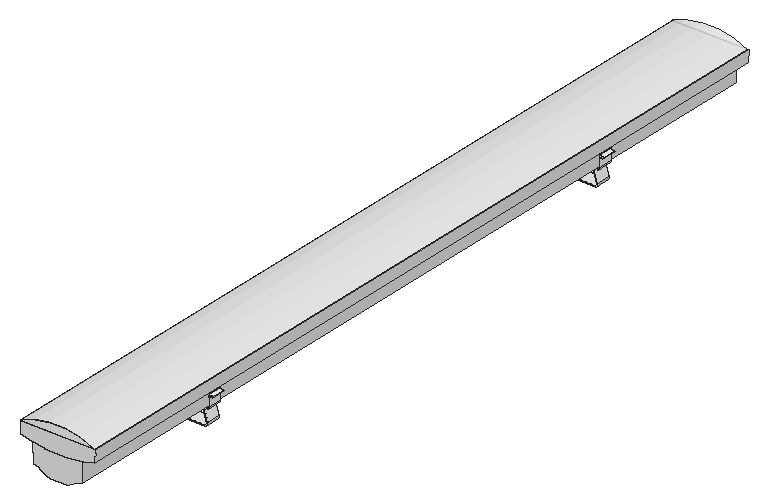
Revit family "Lighting-Industrial-GEWISS-SMART[3]e-WATERTIGHT-LED_OPAL_1200mm", category Apparecchi per illuminazione, host Superficie, Revit 2019
Family settings
  Host = Superficie
  Quota connettore circolare = Usa diametro
  Tipo di parte = Normale
  Numero OmniClass = 23.80.70.11
  Titolo OmniClass = Luminaries for Internal Lighting
  Taglio con vuoti quando caricato = No
  Sorgente d'illuminazione = No
  Condiviso = No
  Punto di calcolo locali = Sì
Parameters (values of type "GWS3220EP840 - SMART3e 1200 ON/OFF OPAL CRI80 4000K")
  Wiring : = "Stand alone"
  Wiring = "With GW connect watertight connector"
  Warranty = "5 years"
  Visibilita_etichetta [instance] = yes
  Version file RFA = "21.4"
  Unique digital code (Datamatrix) = "Datamatrix"
  Unified Glare Rating = "UGR < 25 (4H/8H)"
  URL = "https://www.gewiss.com/ww/en"
  Type of light source = "LED - Not replaceable"
  Tilt- = "With fixing bracket"
  Technical sheet = "https://www.gewiss.com/ww/en/search?q=GWS3220EP840"
  Supply voltage = "220 - 240 V"
  Struttura = GEWISS - SMART 3 - GRIGIO
  Stocking temperature = "-25 +80 °C"
  Standards and approvals = "-"
  Standard- = "EN60598-1; IEC 62778; IEC62471"
  Standard Deviation Colour Matching = "SDCM = 3"
  Stampa 1_200 = no
  Stampa 1_100 = not(Stampa 1_200)  # yes
  Spostamento_Y_etichetta [instance] = 0 mm
  Spostamento_Y_effettivo_etichetta [instance] = 1500 mm - Spostamento_Y_etichetta  # 1500 mm
  Spostamento_X_etichetta [instance] = 0 mm
  Spostamento_X_effettivo_etichetta [instance] = 1500 mm - Spostamento_X_etichetta  # 1500 mm
  Shock resistance = "IK08"
  Shield type = "UV stabilised polycarbonate"
  Schermo. = Gewiss - Led Acceso
  Realized by GEWISS S.p.A. = ""
  Rated frequency (Hz) = "50/60 Hz"
  Default Elevation = 1219.2 mm
  Produttore = "GEWISS S.p.A."
  Photobiological Risk Class = "-"
  Overvoltage protection = "DM 1KV / CM 2KV"
  Optic and illuminating features = "-"
  Optic Maintenance = "Not available"
  Optic : = "Integrated in the screen"
  Optic = "Wide opal"
  Operating temperature : = "-25 +40 °C"
  Mouting and installation = "Ceiling - Wallmounting - Suspension"
  Modello = "GWS3220EP840"
  Maximum surface exposed to the wind : = "-"
  Materials = "-"
  Lunghezza Lampada = 1200 mm  # constant formula
  Luminaire = "LED fixture for general lighting"
  Locking Hook = "-"
  Lifetime = "L80B20(Tq25°C)=90.000h - L80B20(Tq40°C)=50.000h"
  Lampada = "LED"
  LED Maintenance = "Not available"
  Insulation class = "II"
  Installationa and maintenance = "-"
  Immagine tipo = GWS3136P.jpg
  IPEA = "-"
  IP degree = "IP66/IP69"
  IFC.TypeObject = ""
  IFC.ExportType = ""
  IFC.ExportAs = ""
  IDT = "b2a83afa-fdcf-41be-8833-5f8c4d209246"
  IDF = "ff5f3aa1-ab36-4818-98d3-3868be2052ed"
  Glow Wire Test : = "850 °C"
  General information = "-"
  Gasket = "CNC deposited sealant"
  Ganci = GEWISS  - ALLUMINIO
  Fixing = "Stainless steel support"
  External screw = "-"
  Eletrical and lighting features = "-"
  EAN code = ""
  Driver failure rate = "F10 = 90.000 h a Tq 25°C/F10= 50.000 h a Tq 40°C"
  Driver Box = "Built-in"
  Driver = "Included"
  Device with reduced surface temperature = "Yes"
  Descrizione = "SMART3e 1200 ON/OFF OPAL CRI80 4000K"
  DIN 18032-3 certification = "Not available"
  Control System : = "ON / OFF"
  Control System = "Stand Alone - On / Off"
  Context = "Lighting of warehouses, indoor parking and industrial production rooms"
  Commenti sul wattaggio = "43W"
  Colour : = "RAL7035 colored PC paste"
  Colour = "Grey RAL 7035"
  Color Rendering Index = "CRI>80"
  Classification: = "-"
  Catalogue = "LIGHTING"
  Carico apparente = 43 VA
  COBie.Tagnumber = ""
  COBie.CreatedOn = ""
  COBie.CreatebBy = ""
  COBie.ComponentRegisterItemID = ""
  COBie.Component.TagNumber = ""
  COBie.Component.Space = ""
  COBie.Component.SerialNumber = ""
  COBie.Component.InstallationDate = ""
  COBie.Component.Description = ""
  COBie.Component.BarCode = ""
  Body = "Polycarbonate"
  Application = "Internal"
Types (5, lengths in mm): name | Wiring : | Technical sheet | Modello | IDT | Descrizione | Control System
  (no name) | "Stand alone" | "https://www.gewiss.com/ww/en/search?q=GWS3220EP840" | "GWS3220EP840" | "b2a83afa-fdcf-41be-8833-5f8c4d209246" | "SMART3e 1200 ON/OFF OPAL CRI80 4000K" | "Stand Alone - On / Off"
  GWS3220EP840 - SMART3e 1200 ON/OFF OPAL CRI80 4000K | "Stand alone" | "https://www.gewiss.com/ww/en/search?q=GWS3220EP840" | "GWS3220EP840" | "b2a83afa-fdcf-41be-8833-5f8c4d209246" | "SMART3e 1200 ON/OFF OPAL CRI80 4000K" | "Stand Alone - On / Off"
  GWS3220EP857 - SMART3e 1200 ON/OFF OPAL CRI80 5700K | "Stand alone" | "https://www.gewiss.com/ww/en/search?q=GWS3220EP857" | "GWS3220EP857" | "91d943c5-a662-4a5c-8a36-b5ca2b7ee47d" | "SMART3e 1200 ON/OFF OPAL CRI80 5700K" | "Stand Alone - On / Off"
  GWS3222EP840 - SMART3e 1200 TW ON/OFF OPAL CRI80 4000K | "Through Line" | "https://www.gewiss.com/ww/en/search?q=GWS3222EP840" | "GWS3222EP840" | "50134422-6e4f-446d-9d17-0f79fe45b235" | "SMART3e 1200 TW ON/OFF OPAL CRI80 4000K" | "Through wiring - On/Off"
  GWS3222EP857 - SMART3e 1200 TW ON/OFF OPAL CRI80 5700K | "Through Line" | "https://www.gewiss.com/ww/en/search?q=GWS3222EP857" | "GWS3222EP857" | "758a5e43-e37e-4759-b00e-52f18e81c504" | "SMART3e 1200 TW ON/OFF OPAL CRI80 5700K" | "Through wiring - On/Off"
Reference planes
  plane 1 "Centro (Fronte/Retro)": y = 0
  plane 2: z = 0
  plane 3 "Centro (Sinistra/Destra)": x = 0
  plane 4: x = -1500
  plane 5: y = -1500
  plane 6: x = 0
  plane 7: y = 0
Forms (mm)
  Extrusion 1, solid, material "GEWISS  - ALLUMINIO" <- "Ganci", detail levels medium+fine
    sketch origin (0, 0, 0) x (1, 0, 0) y (0, 0, 1)
      loop
        arc (31.431, -0.002) -> (34.576, 1.589) -> (35.156, 5.066) r 3.903
        line (35.156, 5.066) -> (29.612, 23.211)
        arc (29.612, 23.211) -> (29.883, 24.381) -> (31.032, 24.73) r 1.2
        line (31.032, 24.73) -> (34.307, 23.974)
        arc (34.307, 23.974) -> (36.765, 24.53) -> (37.859, 26.8) r 2.9
        line (37.859, 26.8) -> (37.859, 38.8)
        arc (37.859, 38.8) -> (37.648, 39.694) -> (37.059, 40.4) r 2
        line (37.059, 40.4) -> (37.059, 42.71) -> (42.861, 40.598) -> (43.203, 41.538) -> (37.53, 43.603)
        arc (37.53, 43.603) -> (37.019, 43.613) -> (36.605, 43.311) r 0.8
        line (36.605, 43.311) -> (36.306, 26.139)
        arc (36.306, 26.139) -> (35.6, 25.444) -> (34.616, 25.34) r 1.5
        line (34.616, 25.34) -> (31.344, 26.095)
        arc (31.344, 26.095) -> (28.858, 25.335) -> (28.273, 22.802) r 2.6
        line (28.273, 22.802) -> (33.827, 4.636)
        arc (33.827, 4.636) -> (33.449, 2.415) -> (31.438, 1.4) r 2.5
        line (31.438, 1.4) -> (-31.437, 1.4)
        arc (-31.437, 1.4) -> (-33.449, 2.415) -> (-33.827, 4.636) r 2.5
        line (-33.827, 4.636) -> (-28.273, 22.802)
        arc (-28.273, 22.802) -> (-28.858, 25.335) -> (-31.344, 26.095) r 2.6
        line (-31.344, 26.095) -> (-34.616, 25.34)
        arc (-34.616, 25.34) -> (-35.6, 25.444) -> (-36.306, 26.139) r 1.5
        line (-36.306, 26.139) -> (-36.605, 43.311)
        arc (-36.605, 43.311) -> (-37.019, 43.613) -> (-37.53, 43.603) r 0.8
        line (-37.53, 43.603) -> (-43.203, 41.538) -> (-42.861, 40.598) -> (-37.059, 42.71) -> (-37.059, 40.4)
        arc (-37.059, 40.4) -> (-37.648, 39.694) -> (-37.859, 38.8) r 2
        line (-37.859, 38.8) -> (-37.859, 26.8)
        arc (-37.859, 26.8) -> (-36.765, 24.53) -> (-34.307, 23.974) r 2.9
        line (-34.307, 23.974) -> (-31.032, 24.73)
        arc (-31.032, 24.73) -> (-29.883, 24.381) -> (-29.612, 23.211) r 1.2
        line (-29.612, 23.211) -> (-35.156, 5.066)
        arc (-35.156, 5.066) -> (-34.576, 1.589) -> (-31.431, -0.002) r 3.903
        line (-31.431, -0.002) -> (31.431, -0.002)
    from 348.766 to 368.766
  Extrusion 2, solid, material "GEWISS  - ALLUMINIO" <- "Ganci", detail levels medium+fine
    sketch origin (0, 0, 0) x (1, 0, 0) y (0, 0, -1)
      loop
        line (31.431, 0.002) -> (-31.431, 0.002)
        arc (-31.431, 0.002) -> (-34.576, -1.589) -> (-35.156, -5.066) r 3.903
        line (-35.156, -5.066) -> (-29.612, -23.211)
        arc (-29.612, -23.211) -> (-29.883, -24.381) -> (-31.032, -24.73) r 1.2
        line (-31.032, -24.73) -> (-34.307, -23.974)
        arc (-34.307, -23.974) -> (-36.765, -24.53) -> (-37.859, -26.8) r 2.9
        line (-37.859, -26.8) -> (-37.859, -38.8)
        arc (-37.859, -38.8) -> (-37.648, -39.694) -> (-37.059, -40.4) r 2
        line (-37.059, -40.4) -> (-37.059, -42.71) -> (-42.861, -40.598) -> (-43.203, -41.538) -> (-37.53, -43.603)
        arc (-37.53, -43.603) -> (-37.019, -43.613) -> (-36.605, -43.311) r 0.8
        line (-36.605, -43.311) -> (-36.306, -26.139)
        arc (-36.306, -26.139) -> (-35.6, -25.444) -> (-34.616, -25.34) r 1.5
        line (-34.616, -25.34) -> (-31.344, -26.095)
        arc (-31.344, -26.095) -> (-28.858, -25.335) -> (-28.273, -22.802) r 2.6
        line (-28.273, -22.802) -> (-33.827, -4.636)
        arc (-33.827, -4.636) -> (-33.449, -2.415) -> (-31.437, -1.4) r 2.5
        line (-31.437, -1.4) -> (31.438, -1.4)
        arc (31.438, -1.4) -> (33.449, -2.415) -> (33.827, -4.636) r 2.5
        line (33.827, -4.636) -> (28.273, -22.802)
        arc (28.273, -22.802) -> (28.858, -25.335) -> (31.344, -26.095) r 2.6
        line (31.344, -26.095) -> (34.616, -25.34)
        arc (34.616, -25.34) -> (35.6, -25.444) -> (36.306, -26.139) r 1.5
        line (36.306, -26.139) -> (36.605, -43.311)
        arc (36.605, -43.311) -> (37.019, -43.613) -> (37.53, -43.603) r 0.8
        line (37.53, -43.603) -> (43.203, -41.538) -> (42.861, -40.598) -> (37.059, -42.71) -> (37.059, -40.4)
        arc (37.059, -40.4) -> (37.648, -39.694) -> (37.859, -38.8) r 2
        line (37.859, -38.8) -> (37.859, -26.8)
        arc (37.859, -26.8) -> (36.765, -24.53) -> (34.307, -23.974) r 2.9
        line (34.307, -23.974) -> (31.032, -24.73)
        arc (31.032, -24.73) -> (29.883, -24.381) -> (29.612, -23.211) r 1.2
        line (29.612, -23.211) -> (35.156, -5.066)
        arc (35.156, -5.066) -> (34.576, -1.589) -> (31.431, 0.002) r 3.903
    from 348.766 to 368.766
  Extrusion 3, solid, material "GEWISS - SMART 3 - GRIGIO" <- "Struttura", detail levels medium+fine
    sketch origin (0, 0, 0) x (1, 0, 0) y (0, 0, 1)
      loop
        line (-36.331, 55.757) -> (-35.847, 28.018)
        arc (-35.847, 28.018) -> (-33.139, 27.27) -> (-30.416, 26.58) r 129.5
        arc (-30.416, 26.58) -> (-28.066, 25.76) -> (-25.915, 24.506) r 13
        arc (-25.915, 24.506) -> (-24.23, 23.324) -> (-22.521, 22.178) r 99.5
        arc (-22.521, 22.178) -> (-16.401, 19.063) -> (-9.748, 17.365) r 31.146
        line (-9.748, 17.365) -> (12.491, 17.365)
        arc (12.491, 17.365) -> (17.822, 19.098) -> (22.764, 21.745) r 31.646
        arc (22.764, 21.745) -> (24.509, 22.915) -> (26.228, 24.122) r 100
        arc (26.228, 24.122) -> (28.283, 25.313) -> (30.525, 26.095) r 12.5
        arc (30.525, 26.095) -> (33.437, 26.834) -> (36.332, 27.64) r 130
        line (36.332, 27.64) -> (36.824, 55.851)
        arc (36.824, 55.851) -> (24.914, 53.937) -> (12.909, 52.764) r 195.047
        line (12.909, 52.764) -> (-12.909, 52.764)
        arc (-12.909, 52.764) -> (-24.665, 53.905) -> (-36.331, 55.757) r 195.047
    from -600 to 600
  Extrusion 4, solid, material "GEWISS - SMART 3 - GRIGIO" <- "Struttura", detail levels medium+fine
    sketch origin (0, 0, 0) x (1, 0, 0) y (0, 0, 1)
      loop
        line (54.725, 60.184) -> (55.177, 77.445) -> (-55.177, 77.445) -> (-54.725, 60.184)
        arc (-54.725, 60.184) -> (-34.019, 55.332) -> (-12.909, 52.764) r 195.047
        line (-12.909, 52.764) -> (12.909, 52.764)
        arc (12.909, 52.764) -> (34.019, 55.332) -> (54.725, 60.184) r 195.047
    from -600 to 600
  Extrusion 5, solid, material "Gewiss - Led Acceso" <- "Schermo.", detail levels medium+fine
    sketch origin (0, 0, 0) x (1, 0, 0) y (0, 0, 1)
      loop
        arc (54.697, 78.441) -> (-0.014, 90.457) -> (-54.723, 78.429) r 130.5
        arc (-54.723, 78.429) -> (-54.988, 77.838) -> (-54.5, 77.445) r 0.5
        line (-54.5, 77.445) -> (54.479, 77.445)
        arc (54.479, 77.445) -> (54.988, 77.855) -> (54.697, 78.441) r 0.522
    from -600 to 600
  Extrusion 6, solid, material "GEWISS - SMART 3 - GRIGIO" <- "Struttura", detail levels coarse
    sketch origin (0, 0, 0) x (1, 0, 0) y (0, 0, 1)
      loop
        line (-54.5, 90.439) -> (-54.5, 0) -> (54.5, 0) -> (54.5, 90.439) -> (-54.5, 90.439)
    from -600 to 600
Lines and regions (mm)
  Masking region 1
    outline origin (0, 0, 0) x (1, 0, 0) y (0, 1, 0)
      loop
        line (-55.177, 600) -> (-55.177, -600) -> (55.177, -600) -> (55.177, 600) -> (-55.177, 600)
  symbolic lines, style "GEWISS - LIGHT 2D"
    curve 1: line (0, 488.766, 0) -> (0, -535.897, 0)
Dimensions and locks
  plane 4 to plane 3 "Centro (Sinistra/Destra)" = 1500 mm
  "Spostamento_X_effettivo_etichetta": plane 4 to plane 6
  plane 1 "Centro (Fronte/Retro)" to plane 5 = 1500 mm
  "Spostamento_Y_effettivo_etichetta": plane 7 to plane 5
  aligned and locked: plane 2 to host face
  aligned and locked: level to host face
  aligned and locked: Masking region 1 sketch curve to Extrusion 4  (x4)
  aligned and locked: nested 1 to plane 7
  aligned and locked: plane 6 to nested 1
  aligned and locked: curve 1 to plane 3 "Centro (Sinistra/Destra)"
Automatic sketch dimensions
  host sketch curve to host sketch curve = 2438.4 mm  (x2)
  Extrusion 1 sketch curve to Extrusion 1 sketch curve = 0 mm  (x28)
  Extrusion 1 sketch curve to plane 3 "Centro (Sinistra/Destra)" = 43.203 mm
  level to Extrusion 1 sketch curve = 40.598 mm
  Extrusion 1 sketch curve to Extrusion 1 sketch curve = 0.342 mm  (x2)
  Extrusion 1 sketch curve to Extrusion 1 sketch curve = 5.002 mm  (x2)
  Extrusion 1 sketch curve to Extrusion 1 sketch curve = 0.329 mm
  Extrusion 1 sketch curve to Extrusion 1 sketch curve = 0.271 mm  (x2)
  Extrusion 1 sketch curve to Extrusion 1 sketch curve = 0.8 mm  (x2)
  Extrusion 1 sketch curve to Extrusion 1 sketch curve = 0.454 mm  (x2)
  Extrusion 1 sketch curve to Extrusion 1 sketch curve = 1.554 mm
  Extrusion 1 sketch curve to Extrusion 1 sketch curve = 2 mm
  level to Extrusion 1 sketch curve = 5.066 mm  (x2)
  Extrusion 1 sketch curve to Extrusion 1 sketch curve = 1.15 mm
  Extrusion 1 sketch curve to Extrusion 1 sketch curve = 1.346 mm  (x2)
  Extrusion 1 sketch curve to Extrusion 1 sketch curve = 0.343 mm  (x2)
  level to Extrusion 1 sketch curve = 4.636 mm  (x2)
  Extrusion 1 sketch curve to Extrusion 1 sketch curve = 1.329 mm  (x2)
  level to Extrusion 1 sketch curve = 1.4 mm
  Extrusion 1 sketch curve to Extrusion 1 sketch curve = 2.389 mm  (x2)
  Extrusion 1 sketch curve to Extrusion 1 sketch curve = 0.007 mm  (x2)
  Extrusion 1 sketch curve to Extrusion 1 sketch curve = 3.584 mm  (x2)
  Extrusion 1 sketch curve to Extrusion 1 sketch curve = 0.273 mm  (x2)
  plane 3 "Centro (Sinistra/Destra)" to Extrusion 1 sketch curve = 30.759 mm
  Extrusion 1 sketch curve to level = 0.002 mm
  Extrusion 1 sketch curve to Extrusion 1 sketch curve = 0.672 mm
  Extrusion 1 sketch curve to Extrusion 1 sketch curve = 0.9 mm
  level to Extrusion 1 sketch curve = 26.139 mm
  Extrusion 1 sketch curve to Extrusion 1 sketch curve = 0.746 mm
  Extrusion 1 sketch curve to Extrusion 1 sketch curve = 0.2 mm
  Extrusion 1 sketch curve to Extrusion 1 sketch curve = 2.577 mm
  Extrusion 1 sketch curve to Extrusion 1 sketch curve = 18.496 mm
  Extrusion 1 sketch curve to Extrusion 1 sketch curve = 1.169 mm  (x2)
  Extrusion 1 sketch curve to Extrusion 1 sketch curve = 0.799 mm  (x2)
  Extrusion 1 sketch curve to Extrusion 1 sketch curve = 0.609 mm
  Extrusion 1 sketch curve to Extrusion 1 sketch curve = 1.798 mm  (x2)
  Extrusion 1 sketch curve to Extrusion 1 sketch curve = 12 mm
  Extrusion 1 sketch curve to Extrusion 1 sketch curve = 0.94 mm  (x2)
  Extrusion 1 sketch curve to Extrusion 1 sketch curve = 0.14 mm  (x2)
  Extrusion 1 sketch curve to Extrusion 1 sketch curve = 0.309 mm  (x2)
  Extrusion 1 sketch curve to Extrusion 1 sketch curve = 0.312 mm  (x2)
  Extrusion 1 sketch curve to Extrusion 1 sketch curve = 1.148 mm  (x2)
  Extrusion 1 sketch curve to Extrusion 1 sketch curve = 1.339 mm
  Extrusion 1 sketch curve to Extrusion 1 sketch curve = 2.486 mm
  Extrusion 1 sketch curve to Extrusion 1 sketch curve = 0.409 mm  (x2)
  Extrusion 2 sketch curve to Extrusion 2 sketch curve = 0 mm  (x28)
  Extrusion 2 sketch curve to plane 3 "Centro (Sinistra/Destra)" = 43.203 mm
  level to Extrusion 2 sketch curve = 40.598 mm
  Extrusion 2 sketch curve to Extrusion 2 sketch curve = 0.342 mm  (x2)
  Extrusion 2 sketch curve to Extrusion 2 sketch curve = 5.002 mm  (x2)
  Extrusion 2 sketch curve to Extrusion 2 sketch curve = 0.329 mm
  Extrusion 2 sketch curve to Extrusion 2 sketch curve = 0.271 mm  (x2)
  Extrusion 2 sketch curve to Extrusion 2 sketch curve = 0.8 mm  (x2)
  Extrusion 2 sketch curve to Extrusion 2 sketch curve = 0.454 mm  (x2)
  Extrusion 2 sketch curve to Extrusion 2 sketch curve = 1.554 mm
  Extrusion 2 sketch curve to Extrusion 2 sketch curve = 2 mm
  level to Extrusion 2 sketch curve = 5.066 mm  (x2)
  Extrusion 2 sketch curve to Extrusion 2 sketch curve = 1.15 mm
  Extrusion 2 sketch curve to Extrusion 2 sketch curve = 1.346 mm  (x2)
  Extrusion 2 sketch curve to Extrusion 2 sketch curve = 0.343 mm  (x2)
  level to Extrusion 2 sketch curve = 4.636 mm  (x2)
  Extrusion 2 sketch curve to Extrusion 2 sketch curve = 1.329 mm  (x2)
  level to Extrusion 2 sketch curve = 1.4 mm
  Extrusion 2 sketch curve to Extrusion 2 sketch curve = 2.389 mm  (x2)
  Extrusion 2 sketch curve to Extrusion 2 sketch curve = 0.007 mm  (x2)
  Extrusion 2 sketch curve to Extrusion 2 sketch curve = 3.584 mm  (x2)
  Extrusion 2 sketch curve to Extrusion 2 sketch curve = 0.273 mm  (x2)
  plane 3 "Centro (Sinistra/Destra)" to Extrusion 2 sketch curve = 30.759 mm
  Extrusion 2 sketch curve to level = 0.002 mm
  Extrusion 2 sketch curve to Extrusion 2 sketch curve = 0.672 mm
  Extrusion 2 sketch curve to Extrusion 2 sketch curve = 0.9 mm
  level to Extrusion 2 sketch curve = 26.139 mm
  Extrusion 2 sketch curve to Extrusion 2 sketch curve = 0.746 mm
  Extrusion 2 sketch curve to Extrusion 2 sketch curve = 0.2 mm
  Extrusion 2 sketch curve to Extrusion 2 sketch curve = 14.46 mm
  Extrusion 2 sketch curve to Extrusion 2 sketch curve = 0.94 mm  (x2)
  Extrusion 2 sketch curve to Extrusion 2 sketch curve = 0.14 mm  (x2)
  Extrusion 2 sketch curve to Extrusion 2 sketch curve = 2.31 mm  (x2)
  Extrusion 2 sketch curve to Extrusion 2 sketch curve = 12 mm
  Extrusion 2 sketch curve to Extrusion 2 sketch curve = 0.661 mm  (x2)
  Extrusion 2 sketch curve to Extrusion 2 sketch curve = 0.609 mm  (x2)
  Extrusion 2 sketch curve to Extrusion 2 sketch curve = 1.169 mm  (x2)
  Extrusion 2 sketch curve to Extrusion 2 sketch curve = 0.309 mm  (x2)
  Extrusion 2 sketch curve to Extrusion 2 sketch curve = 0.312 mm  (x2)
  Extrusion 2 sketch curve to Extrusion 2 sketch curve = 1.148 mm  (x2)
  Extrusion 2 sketch curve to Extrusion 2 sketch curve = 1.339 mm
  Extrusion 2 sketch curve to Extrusion 2 sketch curve = 2.486 mm
  Extrusion 2 sketch curve to Extrusion 2 sketch curve = 1.365 mm  (x2)
  Extrusion 3 sketch curve to plane 3 "Centro (Sinistra/Destra)" = 36.331 mm
  Extrusion 3 sketch curve to Extrusion 3 sketch curve = 0.484 mm
  Extrusion 3 sketch curve to Extrusion 3 sketch curve = 2.34 mm
  Extrusion 3 sketch curve to plane 3 "Centro (Sinistra/Destra)" = 32.068 mm
  Extrusion 3 sketch curve to plane 3 "Centro (Sinistra/Destra)" = 12.909 mm
  Extrusion 3 sketch curve to plane 3 "Centro (Sinistra/Destra)" = 9.748 mm
  Extrusion 3 sketch curve to plane 3 "Centro (Sinistra/Destra)" = 5.421 mm
  Extrusion 3 sketch curve to plane 3 "Centro (Sinistra/Destra)" = 0.057 mm
  Extrusion 3 sketch curve to plane 3 "Centro (Sinistra/Destra)" = 0.007 mm
  Extrusion 3 sketch curve to plane 3 "Centro (Sinistra/Destra)" = 0.001 mm
  plane 3 "Centro (Sinistra/Destra)" to Extrusion 3 sketch curve = 0.057 mm
  plane 3 "Centro (Sinistra/Destra)" to Extrusion 3 sketch curve = 5.412 mm
  plane 3 "Centro (Sinistra/Destra)" to Extrusion 3 sketch curve = 12.491 mm
  Extrusion 3 sketch curve to Extrusion 3 sketch curve = 7.496 mm
  plane 3 "Centro (Sinistra/Destra)" to Extrusion 3 sketch curve = 32.059 mm
  Extrusion 3 sketch curve to Extrusion 3 sketch curve = 21.008 mm
  Extrusion 3 sketch curve to Extrusion 3 sketch curve = 2.833 mm
  Extrusion 3 sketch curve to Extrusion 3 sketch curve = 23.916 mm
  level to Extrusion 3 sketch curve = 13.953 mm  (x2)
  level to Extrusion 3 sketch curve = 17.365 mm  (x2)
  Extrusion 3 sketch curve to Extrusion 3 sketch curve = 13.687 mm
  Extrusion 3 sketch curve to Extrusion 3 sketch curve = 14.064 mm
  Extrusion 3 sketch curve to Extrusion 3 sketch curve = 30.844 mm
  Extrusion 3 sketch curve to Extrusion 3 sketch curve = 0 mm  (x3)
  Extrusion 3 sketch curve to Extrusion 3 sketch curve = 4.555 mm
  Extrusion 3 sketch curve to Extrusion 3 sketch curve = 2.993 mm
  Extrusion 3 sketch curve to Extrusion 3 sketch curve = 3.087 mm
  Extrusion 3 sketch curve to Extrusion 3 sketch curve = 49.52 mm
  Extrusion 3 sketch curve to Extrusion 3 sketch curve = 49.615 mm
  Extrusion 3 sketch curve to Extrusion 3 sketch curve = 47.089 mm
  Extrusion 3 sketch curve to Extrusion 3 sketch curve = 5.431 mm
  Extrusion 3 sketch curve to Extrusion 3 sketch curve = 4.5 mm
  Extrusion 3 sketch curve to Extrusion 3 sketch curve = 10.273 mm
  Extrusion 3 sketch curve to Extrusion 3 sketch curve = 3.465 mm
  Extrusion 3 sketch curve to Extrusion 3 sketch curve = 4.297 mm
  Extrusion 4 sketch curve to plane 3 "Centro (Sinistra/Destra)" = 55.177 mm
  Extrusion 4 sketch curve to Extrusion 4 sketch curve = 0.452 mm  (x2)
  Extrusion 4 sketch curve to plane 3 "Centro (Sinistra/Destra)" = 12.909 mm
  Extrusion 4 sketch curve to plane 3 "Centro (Sinistra/Destra)" = 0.057 mm
  plane 3 "Centro (Sinistra/Destra)" to Extrusion 4 sketch curve = 0.057 mm
  plane 3 "Centro (Sinistra/Destra)" to Extrusion 4 sketch curve = 12.909 mm
  Extrusion 4 sketch curve to Extrusion 4 sketch curve = 41.816 mm
  level to Extrusion 4 sketch curve = 52.764 mm
  Extrusion 4 sketch curve to Extrusion 4 sketch curve = 7.42 mm  (x2)
  Extrusion 4 sketch curve to Extrusion 4 sketch curve = 17.262 mm
  Extrusion 5 sketch curve to plane 3 "Centro (Sinistra/Destra)" = 0 mm
  Extrusion 5 sketch curve to plane 3 "Centro (Sinistra/Destra)" = 54.5 mm
  plane 3 "Centro (Sinistra/Destra)" to Extrusion 5 sketch curve = 54.479 mm
  Extrusion 5 sketch curve to level = 40.043 mm
  level to Extrusion 5 sketch curve = 77.445 mm
  Extrusion 5 sketch curve to Extrusion 5 sketch curve = 0.5 mm
  Extrusion 5 sketch curve to Extrusion 5 sketch curve = 0.522 mm
  Extrusion 5 sketch curve to Extrusion 5 sketch curve = 0.21 mm
  Extrusion 5 sketch curve to Extrusion 5 sketch curve = 0.014 mm
  Extrusion 5 sketch curve to Extrusion 5 sketch curve = 0 mm
  Extrusion 6 sketch curve to level = 0 mm
  Extrusion 6 sketch curve to plane 3 "Centro (Sinistra/Destra)" = 54.5 mm
  plane 3 "Centro (Sinistra/Destra)" to Extrusion 6 sketch curve = 54.5 mm
  Extrusion 6 sketch curve to Extrusion 6 sketch curve = 90.439 mm
  plane 1 "Centro (Fronte/Retro)" to curve 1 = 535.897 mm
  curve 1 to plane 1 "Centro (Fronte/Retro)" = 488.766 mm
Nested families
  nested 1: "ETICHETTA WATTAGGIO" at (0, 0, 0), visible <- "Visibilita_etichetta", type "ETICHETTA WATTAGGIO"
Connectors
  electrical at (0, 0, 0), driven by "Carico apparente"
    settings: on Masking region 1, index 1, voltage 230 V, apparent load 0 VA, apparent load phase1 43 VA, apparent load phase2 0 VA, apparent load phase3 0 VA, power factor 1, load classification "Illuminazione", number of poles 2, system type 31, power factor state 1, is connector primary yes, connector utility no, sub classification motor no, connector description ""
Definition of nested family "ETICHETTA WATTAGGIO"
  Parameters (values of type "ETICHETTA WATTAGGIO")
    GW - Potenza di sistema = ""
    GW - Numero LED = ""
    COMMENTI = "13W"
    1_200 = no
    1_100 = yes
  Reference planes
    plane 1: y = 0
    plane 2: x = 0
  Text (mm)
    label "GW - Potenza di sistema\nGW - Numero LED LED" at (-0.057, -0.214, 0), shows "GW - Potenza di sistema", "GW - Numero LED", visible <- "1_100"
    label "GW - Potenza di sistema\nGW - Numero LED LED " at (-0.057, -0.214, 0), shows "GW - Potenza di sistema", "GW - Numero LED", visible <- "1_200"
